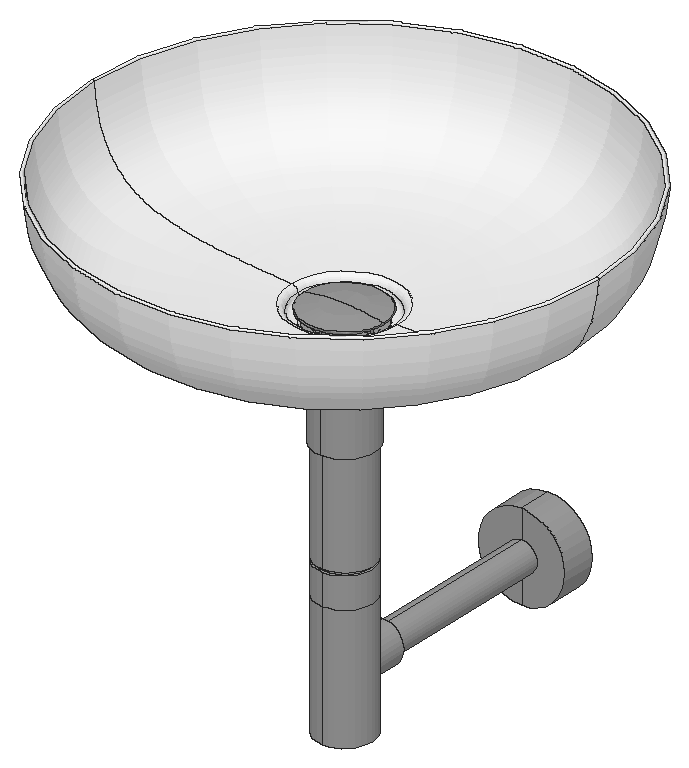
Revit family "KDW030046", category Plumbing Fixtures, Revit 2015
Parameters
  Youtube clip = ""
  Weight Net (Kg) = "7.4"
  Weight = "7.4"
  Website link = "https://www.kaldewei.co.uk/products/washbasins/detail/product/miena-schale/"
  WaterSupplyOverflowAndWasteHolesWaterSupply = "n/a"
  WaterSupplyOverflowAndWasteHolesWaste = "n/a"
  WaterSupplyOverflowAndWasteHolesOverflow = "n/a"
  WarrantyStartDate = "https://www.kaldewei.co.uk/fileadmin/data/sprachen/englisch/prospekte/rest/GB_GUARANTEE__CARE_AND_INSTALLATION_INSTRUCTIONS.pdf"
  WarrantyDurationUnit = "Year"
  WarrantyDurationParts = "30"
  VolumeToOverflowMaximum = "n/a"
  Version = "3"
  Uniformat II Description = ""
  Uniformat II Code = ""
  Uniclass2 = "Pr_40_20_96"
  Uniclass 2015 Name = ""
  Uniclass 2015 Code = ""
  Uniclass 2.0 Description = "Wash Basin Systems"
  Uniclass 2.0 Code = "SS-35-65-70-94"
  Uniclass 1.4 Description = "Washbasins"
  Uniclass 1.4 Code = "L7212"
  URL = "https://www.kaldewei.com"
  UNSPSCNames = "Sinks"
  UNSPSCCode = "30181504"
  UNSPSC Code = "301815"
  Type of support framing = "https://www.kaldewei.co.uk/products/washbasins/detail/product/miena-schale/?tx_wkkaldeweiproducts_product%5Bmodellnr%5D=3180&cHash=280d238f2d6bf96d8cacb6ca04f12794#tabConfiguration"
  Type of accessories = "https://www.kaldewei.co.uk/products/washbasins/detail/product/miena-schale/?tx_wkkaldeweiproducts_product%5Bmodellnr%5D=3180&cHash=280d238f2d6bf96d8cacb6ca04f12794#tabConfiguration"
  Technical description = "https://www.kaldewei.co.uk/fileadmin/data/sprachen/englisch/techdata/KADBE_WT_MIENA____________3180_.pdf"
  Technical data link = "https://kaldewei.typo-live.web-factory.de/fileadmin/data/sprachen/englisch/techdata/KADBE_WT_MIENA____________3180_.pdf"
  Sustainability = "https://EN 15804"
  Sound Insulation = "DIN 4109:2016, VDI4100:2012"
  Size = "ø 450"
  Shape = "Bowl"
  SerialNumber = "3180"
  Region South America = "AR, BO, BR, CL, CO, EC, FK, GF, GY, PE, PY, SR, UY, VE"
  Region Oceania = "AS, AU, CK, FJ, FM, GU, KI, MH, MP, NC, NF, NR, NU, NZ, PF, PG, PN, PW, SB, TK, TL, TO, TV, UM, WF, WS, VU"
  Region North America = "AG, AI, AW, BB, BL, BM, BQ, BS, BZ, CA, CR, CU, CW, DM, DO, GD, GL, GP, GT, HN, HT, JM, KN, KY, LC, MF, MQ, MS, MX, NI, PA, PM, PR, SV, SX, TC, TT, US, VC, VG, VI"
  Region Middle East = "AE, AF, BH, EG, IL, IQ, IR, JO, KW, LB, OM, PS, QA, SA, SY, TR, YE"
  Region Europe = "AD, AL, AT, AX, BA, BE, BG, BY, CH, CY, CZ, DE, DK, EE, ES, FI, FO, FR, GB, GG, GI, GR, HR, HU, IE, IM, IS, IT, JE, LI, LT, LU, LV, MC, MD, ME, MK, MT, NL, NO, PL, PT, RO, RS, RU, SE, SI, SJ, SK, SM, UA, VA"
  Region Asia = "AM, AZ, BD, BN, BT, CC, CN, CX, GE, HK, ID, IN, IO, JP, KG, KH, KP, KR, KZ, LA, LK, MM, MN, MO, MV, MY, NP, PH, PK, SG, TH, TJ, TM, TW, UZ, VN"
  Region Antarctica = "AQ, BV, GS, HM, TF"
  Region Africa = "AO, BF, BI, BJ, BW, CD, CF, CG, CI, CM, CV, DJ, DZ, EH, ER, ET, GA, GH, GM, GN, GQ, GW, KE, KM, LR, LS, LY, MA, MG, ML, MR, MU, MW, MZ, NA, NE, NG, RE, RW, SC, SD, SH, SL, SN, SO, SS, ST, SZ, TD, TG, TN, TZ, UG, YT, ZA, ZM, ZW"
  QR code = "http://bimobject.com/kaldewei/product/3180"
  ProductInformation = "Model No. 3180: The round bowls of the MIENA line appear filigree, almost fragile. The contours run in a single gentle and harmonious curve towards the waste outlet. The resulting reduced footprint gives the bowls an even more weightless look. One almost has the sense that they are floating on the given undercounter."
  Product url = "https://www.kaldewei.co.uk/products/washbasins/detail/product/miena-schale/"
  Product group = "Washbasin"
  Product family = "MIENA"
  Product data url = "http://bimobject.com/kaldewei/product/3180"
  Product certification = "https://www.kaldewei.co.uk/fileadmin/data/sprachen/alle/pdfs/leistungserkla__rungBW-DW-WT-0216Web.pdf"
  Product SKU = "3180"
  Product Guid = "65f3eec7-26ce-4da6-85c4-2e1fca35417f"
  Polantis code = "KDW030046"
  PanelMaterial = "n/a"
  OmniClass Description = ""
  OmniClass Code = ""
  ObjectNorm = "EN 14688 EU DECLARATION OF PERFORMANCE (https://www.kaldewei.de/fileadmin/data/sprachen/alle/pdfs/leistungserkla__rungBW-DW-WT-0216Web.pdf)"
  ObjectName = "MIENA bowl ø 450"
  Nominal width = 0 cm
  Nominal height = 450 cm
  Name = "MIENA bowl"
  NBS Reference Description = "Wash Basin Systems"
  NBS Reference Code = "35-65-70-94"
  Material secondary = "Enamel"
  Material main = "Steel"
  Material = "steel enamel"
  Masterformat 2014 Description = ""
  Masterformat 2014 Code = ""
  ManufacturerName = "KALDEWEI"
  ManufacturerEmail = "info@kaldewei.de"
  ManufacturerCountry = "GERMANY"
  Manufacturer name = ""
  Manufacturer country = "Germany"
  Link towards a photo of the product = "https://www.kaldewei.co.uk/products/washbasins/detail/product/miena-schale/?tx_wkkaldeweiproducts_product%5Bmodellnr%5D=3180&cHash=280d238f2d6bf96d8cacb6ca04f12794#tabConfiguration"
  Installation instructions = ""
  IfcExportType = "IfcSanitaryTerminalType"
  IfcExportAs = "WASHHANDBASIN"
  IFC Classification = "Furnishing Element"
  Finish = "n/a"
  Edition number = "1"
  EAN code = ""
  Durability = "https://EN 14688"
  DrainSize = "n/a"
  Design country = "Germany"
  Description details = "KALDEWEI international Worldwide partner for iconic bathroom solutions made of KALDEWEI steel enamel  KALDEWEI steel enamel delivers unique advantages that inspire excellence in bathroom design. Projects across the world, from upmarket hotels to private homes, capture the sophisticated aesthetic that recommends KALDEWEI as the partner of choice. As a leading international manufacturer of high-quality shower surfaces, bathtubs and washbasins made of superior steel enamel, KALDEWEI today is present in more than 80 countries."
  Date of publishing = ""
  Configurator link = "https://www.kaldewei.co.uk/products/washbasins/detail/product/emerso-einbauwaschtisch/?tx_wkkaldeweiproducts_product%5Bmodellnr%5D=3021&cHash=8be4dbe7331d83e192ec7f15df5c0ef5#tabConfiguration"
  ColourOptions = "https://www.kaldewei.co.uk/inspiration/material/colours/"
  Color = "https://www.kaldewei.co.uk/inspiration/material/colours/"
  COBIe Type Category = ""
  Brand url = "http://www.kaldewei.com"
  BIMobject category = "Basins"
  Additional features of the object = "https://www.kaldewei.co.uk/products/washbasins/detail/product/miena-schale/?tx_wkkaldeweiproducts_product%5Bmodellnr%5D=3180&cHash=280d238f2d6bf96d8cacb6ca04f12794#tabConfiguration"
  Accessory = yes
Reference planes (cm)
  plane 1 "Center (Front/Back)": y = 0
  plane 2: z = 0
  plane 3 "Center (Left/Right)": x = 0
Forms (cm)
  Revolve 1, solid, material "Kaldewei"
    sketch origin (0, 0, -1.9795) x (1, 0, 0) y (0, 0, 1)
      loop
        line (-2.1089, 0.2852) -> (-2.2084, 0.2852)
        spline (-2.2084, 0.2852) -> (-2.3381, 0.3103) -> (-2.3833, 0.343) -> (-2.4363, 0.3925) -> (-2.4893, 0.4484) -> (-2.5434, 0.5087) -> (-2.6019, 0.5729) -> (-2.6666, 0.6408) -> (-2.7369, 0.7123) -> (-2.812, 0.7876) -> (-2.8918, 0.8658) -> (-2.9791, 0.942) -> (-3.0782, 1.0097)
        spline (-3.0782, 1.0097) -> (-3.2933, 1.0652) -> (-3.3651, 1.0745) -> (-3.4495, 1.0831) -> (-3.5398, 1.1011) -> (-3.628, 1.1277) -> (-3.7093, 1.1615) -> (-3.775, 1.2095) -> (-3.8358, 1.269) -> (-3.8818, 1.3309) -> (-3.9155, 1.3978) -> (-3.9444, 1.4957) -> (-3.9799, 1.7196)
        spline (-3.9799, 1.7196) -> (-4.0031, 1.8052) -> (-4.0311, 1.8827) -> (-4.0638, 1.9524) -> (-4.1008, 2.0144) -> (-4.1421, 2.0689) -> (-4.1873, 2.116) -> (-4.2363, 2.1559) -> (-4.2888, 2.1889) -> (-4.3446, 2.215) -> (-4.4034, 2.2344) -> (-4.4652, 2.2472) -> (-4.5296, 2.2538)
        spline (-4.5296, 2.2538) -> (-7.2477, 2.3978) -> (-9.0819, 2.5161) -> (-10.7756, 2.652) -> (-12.3445, 2.8261) -> (-14.2516, 3.152) -> (-16.3766, 3.6806) -> (-17.8042, 4.2806) -> (-19.246, 5.247) -> (-20.3874, 6.5232) -> (-21.2143, 8.1092) -> (-21.7304, 9.853) -> (-22.0291, 12.1015)
        arc (-22.0291, 12.1015) -> (-22.1729, 12.2281) -> (-22.3055, 12.0898) r 0.1384
        spline (-22.3055, 12.0898) -> (-21.9716, 9.7726) -> (-21.4366, 7.9529) -> (-20.6593, 6.4638) -> (-19.7157, 5.3287) -> (-17.9217, 4.0334) -> (-16.0216, 3.2573) -> (-14.5849, 2.9282) -> (-12.8565, 2.6354) -> (-10.8835, 2.4034) -> (-8.7407, 2.2243) -> (-6.4688, 2.0808) -> (-4.5477, 1.9795)
        spline (-4.5477, 1.9795) -> (-4.2543, 1.7156) -> (-4.2203, 1.4992) -> (-4.1312, 1.2322) -> (-3.9866, 1.0286) -> (-3.8255, 0.9171) -> (-3.532, 0.8182) -> (-3.2882, 0.7918) -> (-3.1104, 0.7016) -> (-2.9126, 0.4982) -> (-2.6969, 0.2665) -> (-2.5354, 0.1183) -> (-2.2089, 0.0092)
        line (-2.2089, 0.0092) -> (-2.1089, 0.0092) -> (-2.1089, 0.2852)
      axis (0.1894, 12.1015) -> (0.1894, 0.0092)
    angle from 0 to 360
  Revolve 2, solid, material "Chrome", visible <- "Accessory"
    sketch origin (0.2128, 0, -1.9795) x (0, 1, 0) y (0, 0, 1)
      loop
        line (-1.4849, -25.4175) -> (-1.4849, -26.3373) -> (22.4922, -26.3373) -> (22.4922, -22.4889) -> (19.5517, -22.4889) -> (19.5517, -24.9889) -> (4.1728, -24.9889) -> (4.1728, -24.4889) -> (0.5066, -24.4889) -> (-1.4849, -25.4175)
      axis (22.4922, -26.3373) -> (-1.4849, -26.3373)
    angle from 0 to 360
Lines and regions (cm)
  symbolic lines, style "Lines"
    curve 1: arc (3.7128, -0.0704, 0) -> (0.1895, 3.4528, 0) -> (-3.3337, -0.0704, 0) r 3.5232
    curve 2: arc (-3.3337, -0.0704, 0) -> (0.1895, -3.5936, 0) -> (3.7128, -0.0704, 0) r 3.5232
    curve 3: circle (0.1894, 0, 0) r 22.4949 normal (0, 0, 1)
    curve 4: circle (0.1895, -0.0704, 0) r 4.2397 normal (0, 0, 1)
    curve 5: line (-3.6409, 22.1664, 0) -> (-3.6409, 22.4922, 0)
    curve 6: line (-3.6409, 22.4922, 0) -> (4.0613, 22.4922, 0)
    curve 7: line (4.0613, 22.4922, 0) -> (4.0613, 22.1591, 0)
    curve 8: circle (0.1894, 0, 0) r 22.1949 normal (0, 0, 1)
Nested families (cm)
  nested 1: "WB_Designsiphon" at (5.5, -1.3122, -1.0934), visible <- "Accessory", type "WB_Designsiphon"
Connectors (cm)
  piping at (0.2128, 22.4922, -28.3168), diameter 5
    settings: on Revolve 2, index 1, connector inside diameter 609.6 mm, connector length 0 cm, flow factor 0, pipe flow 0.0 L/s, pressure drop 0.0 Pa, fitting loss kfactor 0, connector angle 0.00°, fixture units 0, engagement length 0 cm, angle of deflection 0.00°, flow configuration 0, flow direction 2, fitting loss method 0, system type 16, joint type 0, gender type 0, connector reference index -1, connector utility 0, adjustable connector no, is connector primary yes, connector description ""
Definition of nested family "WB_Designsiphon"
  Parameters (values of type "WB_Designsiphon")
    Plomberie = none
  Reference planes (cm)
    plane 1 "Center (Front/Back)": y = 0
    plane 2: z = 0
    plane 3 "Center (Left/Right)": x = 0
  Nested families (cm)
    nested 1: "WB_Permanentventil_Rund_Emailliert" at (-5.3157, 5.5437, 0), type "WB_Permanentventil_Rund_Emailliert"
  Definition of nested family "WB_Permanentventil_Rund_Emailliert"
    Parameters (values of type "WB_Permanentventil_Rund_Emailliert")
      Plomberie = none
    Reference planes (cm)
      plane 1 "Center (Front/Back)": y = 0
      plane 2: z = 0
      plane 3 "Center (Left/Right)": x = 0
    Forms (cm)
      Revolve 1, solid, material <- "Plomberie"
        sketch origin (-0.022, -4.2115, -4.9899) x (0, 1, 0) y (0, 0, 1)
          loop
            line (0, 0.4451) -> (0, -27.5174) -> (2.4482, -27.5174) -> (2.4482, -16.5467) -> (2.4482, -13.8674) -> (2.1851, -13.8674) -> (2.1851, -13.5891) -> (2.4482, -13.5891) -> (2.4482, -4.4674) -> (2.6514, -4.4674) -> (2.6514, 0.4451) -> (0, 0.4451)
          axis (0, 0.4451) -> (0, -27.5174)
        angle from 0 to 360
      Revolve 2, solid, material <- "Plomberie"
        sketch origin (-0.3062, -4.3019, -5.2415) x (1, 0, 0) y (0, 0, 1)
          loop
            arc (0.3115, 6.7411) -> (-1.4612, 6.6964) -> (-3.2117, 6.413) r 13.1193
            arc (-3.2117, 6.413) -> (-3.2434, 6.3242) -> (-3.1758, 6.2583) r 0.0874
            line (-3.1758, 6.2583) -> (-2.5187, 6.2583) -> (-0.08, 6.2583) -> (-0.08, 5.3108) -> (-2.1553, 5.3108) -> (-2.9883, 5.2672) -> (-2.9883, 5.1879) -> (-2.3851, 5.1879)
            spline (-2.3851, 5.1879) -> (-2.3822, 5.0723) -> (-2.3747, 5.009) -> (-2.3641, 4.9707) -> (-2.352, 4.937) -> (-2.3389, 4.9096) -> (-2.3246, 4.8911) -> (-2.3065, 4.8765) -> (-2.2819, 4.8607) -> (-2.2476, 4.8406) -> (-2.2017, 4.8128) -> (-2.1514, 4.7711) -> (-2.1084, 4.7079)
            line (-2.1084, 4.7079) -> (-2.1084, 3.6678) -> (-3.2505, 3.6678) -> (-3.2505, 2.4738) -> (-2.1084, 2.4738) -> (-2.1084, 2.1233) -> (-3.2505, 2.1233) -> (-3.2505, 1.8531) -> (-2.4143, 1.7056) -> (-2.4143, 0.8533) -> (-2.1084, 0.8533) -> (-2.1084, 0.2238) -> (0.3115, 0.2238) -> (0.3115, 6.7411)
          axis (0.3115, 6.7411) -> (0.3115, 0.2238)
        angle from 0 to 360
      Extrusion 3, solid, material <- "Plomberie"
        sketch origin (0.08, -4.516, -5.1879) x (1, 0, 0) y (0, 1, 0)
          loop
            line (-0.08, 2.516) -> (-0.08, 1.6249)
            arc (-0.08, 1.6249) -> (-1.1758, 1.1973) -> (-1.6334, 0.1137) r 1.5117
            line (-1.6334, 0.1137) -> (-2.508, 0.1137) -> (-2.508, -0.0506) -> (-1.6015, -0.0506)
            arc (-1.6015, -0.0506) -> (-1.1593, -1.1097) -> (-0.08, -1.4999) r 1.4259
            line (-0.08, -1.4999) -> (-0.08, -2.4571) -> (0.09, -2.4571) -> (0.09, -1.5265)
            arc (0.09, -1.5265) -> (1.1336, -1.0942) -> (1.5659, -0.0506) r 1.4758
            line (1.5659, -0.0506) -> (2.5118, -0.0506) -> (2.5118, 0.1137) -> (1.5659, 0.1137)
            arc (1.5659, 0.1137) -> (1.1334, 1.1578) -> (0.0893, 1.5903) r 1.4765
            line (0.0893, 1.5903) -> (0.0893, 2.516) -> (-0.08, 2.516)
          loop
            circle (0, 0.08) r 1.3893
        from 5.1879 to 6.2047
